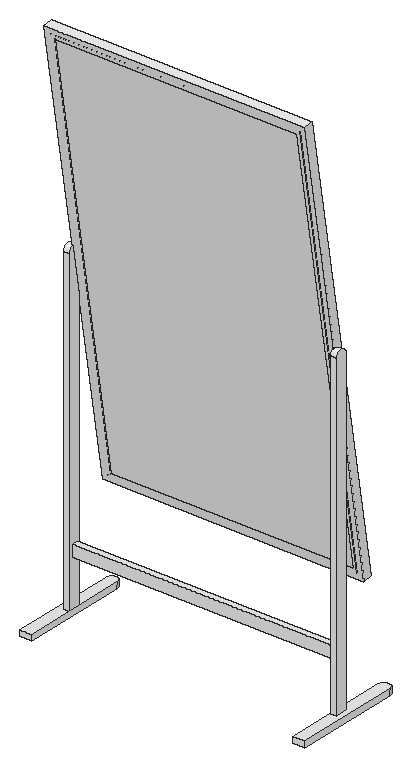
Revit family
Parameters
  Width = 2' - 0"
  Subcategory = "Bathroom Fixture"
  SmartBIM Object Version = 3  # constant formula
  SmartBIM Object Created By = "Reed Construction Data"  # constant formula
  Mirror height = 3' - 0"
  Mirror Table = Metal 1
  Mirror = Mirror
  Legs width = 0' - 1"
  Legs = 0' - 0 1/2"
  Depth = 0' - 9"
  Default Elevation = 4' - 0"
  Assembly Code = "E1090900"
  95 CSI = "08830"  # constant formula
  04 CSI = "08 83 00"  # constant formula
Reference planes (in)
  plane 1 "Center (Front/Back)": y = 16.91339
  plane 2: z = 0
  plane 3 "Center (Left/Right)": x = -3.11605
  plane 4: x = -15.11605
  plane 5: x = 8.88395
  plane 6: y = 21.41339
  plane 7: y = 12.41339
  plane 8: z = 0.5
  plane 9: z = 9.5
  plane 10: y = 17.37686
  plane 11: y = 16.41339
  plane 12: y = 13.91339
  plane 13: y = 19.91339
  plane 14: z = 45.5
  plane 15: z = 27.5
  plane 16: z = 40.5
  plane 17: z = 27.5
  plane 18: x = -14.11605
  plane 19: x = 7.88395
  plane 20: x = -13.61605
  plane 21: x = 7.38395
  plane 22: x = -14.61605
  plane 23: x = 8.39576
  plane 24: z = 5
  plane 25: y = 17.16535
  plane 26: y = 16.66142
  plane 27: z = 5.5
  plane 28: z = 4.5
Forms (in)
  Extrusion 1, solid, material "Metal 1" <- "Mirror Table"
    sketch origin (0, 0, 0) x (1, 0, 0) y (0, 1, 0)
      loop
        line (-15.11605, 21.41339) -> (-15.11605, 12.41339) -> (-14.11605, 12.41339) -> (-14.11605, 21.41339)
        arc (-14.11605, 21.41339) -> (-14.61605, 21.91339) -> (-15.11605, 21.41339) r 0.5
      loop
        arc (8.88395, 21.41339) -> (8.38395, 21.91339) -> (7.88395, 21.41339) r 0.5
        line (7.88395, 21.41339) -> (7.88395, 12.41339) -> (8.88395, 12.41339) -> (8.88395, 21.41339)
    from 0 to 0.5
  Extrusion 2, solid, material "Mirror" <- "Mirror"
    sketch origin (-3.11605, 0, 0) x (0, 1, 0) y (0, 0, 1)
      loop
        line (20.16883, 9.5) -> (14.16883, 45.5) -> (13.91339, 45.5) -> (19.91339, 9.5) -> (20.16883, 9.5)
    from -10.5 to 10.5
  Sweep 3, solid, material "Metal 1" <- "Mirror Table"
    path in 3D
      loop
        line (-13.61605, 20.16883, 9.5) -> (7.38395, 20.16883, 9.5) -> (7.38395, 14.16883, 45.5) -> (-13.61605, 14.16883, 45.5) -> (-13.61605, 20.16883, 9.5)
    profile origin (-13.61605, 17.16883, 27.5) x (0, -0.986394, -0.164399) y (-1, 0, 0)
      loop
        line (0.12598, 0) -> (0.12598, -0.25197) -> (0.37795, -0.25197) -> (0.37795, 0.5) -> (-0.37795, 0.5) -> (-0.37795, -0.25197) -> (-0.12598, -0.25197) -> (-0.12598, 0) -> (0.12598, 0)
  Extrusion 4, solid, material "Metal 1" <- "Mirror Table"
    sketch origin (-3.11605, 0, 0) x (0, 1, 0) y (0, 0, 1)
      loop
        arc (17.37686, 27.5) -> (16.89512, 27.98174) -> (16.41339, 27.5) r 0.48174
        line (16.41339, 27.5) -> (16.41339, 0.5) -> (17.37686, 0.5) -> (17.37686, 27.5)
    from 11.51181 to 11
  Extrusion 5, solid, material "Metal 1" <- "Mirror Table"
    sketch origin (-3.11605, 0, 0) x (0, 1, 0) y (0, 0, -1)
      loop
        line (17.37686, -27.5) -> (17.37686, -0.5) -> (16.37686, -0.5) -> (16.37686, -27.5)
        arc (16.37686, -27.5) -> (16.87686, -28) -> (17.37686, -27.5) r 0.5
    from 11 to 11.5
  Extrusion 6, solid, material "Metal 1" <- "Mirror Table"
    sketch origin (0, 16.91339, 0) x (1, 0, 0) y (0, 0, 1)
      loop
        line (-14.11605, 5.5) -> (-14.11605, 4.5) -> (7.88395, 4.5) -> (7.88395, 5.5) -> (-14.11605, 5.5)
    from -0.25197 to 0.25197
  Extrusion 7, solid, material "Metal 1" <- "Mirror Table"
    sketch origin (-3.11605, 0, 0) x (0, 1, 0) y (0, 0, 1)
      loop
        line (19.78666, 9.5) -> (19.91339, 9.5) -> (13.91339, 45.5) -> (13.78666, 45.5) -> (19.78666, 9.5)
    from -10.5 to 10.5
Lines and regions (in)
  sketch lines
    curve 1: line (-13.61605, 14.16883, 45.5) -> (-13.61605, 20.16883, 9.5)
    curve 2: line (7.38395, 20.16883, 9.5) -> (-13.61605, 20.16883, 9.5)
    curve 3: line (7.38395, 14.16883, 45.5) -> (-13.61605, 14.16883, 45.5)
    curve 4: line (7.38395, 20.16883, 9.5) -> (7.38395, 14.16883, 45.5)
Dimensions and locks (in)
  equal spacing: plane 4, plane 3 "Center (Left/Right)", plane 5
  "Width": plane 4 to plane 5
  equal spacing: plane 6, plane 1 "Center (Front/Back)", plane 7
  "Depth": plane 6 to plane 7
  "Legs": plane 8 to level
  locked: plane 9 to plane 8 at 9
  plane 11 to plane 1 "Center (Front/Back)" to plane 10 = 0' - 0 1/2" locked, 0' - 0.46347"
  plane 11 to plane 10 = 0' - 0.96347"
  locked: plane 1 "Center (Front/Back)" to plane 13 at 3
  locked: plane 12 to plane 1 "Center (Front/Back)" at 3
  "Mirror height": plane 14 to plane 9
  locked: Extrusion 2 sketch curve to Extrusion 2 sketch curve at 0.25197
  equal spacing: plane 14, plane 15, plane 9
  equal spacing: plane 14, plane 17, plane 9
  "Legs width": plane 4 to plane 18
  "Legs width": plane 19 to plane 5
  locked: plane 21 to plane 19 at 0.5
  locked: plane 18 to plane 20 at 0.5
  locked: plane 22 to plane 18 at 0.5
  locked: plane 19 to plane 23 at 0.51181
  equal spacing: plane 9, plane 24, plane 8
  locked: plane 1 "Center (Front/Back)" to plane 25 at 0.25197
  locked: plane 26 to plane 1 "Center (Front/Back)" at 0.25197
  locked: plane 24 to plane 28 at 0.5
  locked: plane 27 to plane 24 at 0.5
  aligned and locked: Extrusion 1 sketch curve to plane 4
  aligned and locked: Extrusion 1 sketch curve to plane 7  (x2)
  aligned and locked: Extrusion 1 sketch curve to plane 5
  aligned and locked: plane 8 to Extrusion 1
  aligned and locked: plane 9 to Extrusion 2 sketch curve  (x2)
  aligned and locked: plane 14 to Extrusion 2 sketch curve  (x2)
  aligned and locked: Extrusion 2 to Sweep 3 sketch curve
  aligned and locked: plane 10 to Extrusion 4 sketch curve
  aligned and locked: plane 11 to Extrusion 4 sketch curve
  aligned and locked: Extrusion 1 to Extrusion 4 sketch curve
  aligned and locked: Extrusion 5 to plane 10
  aligned and locked: plane 15 to Extrusion 4 sketch curve  (x2)
  aligned and locked: Extrusion 5 to plane 8
  aligned and locked: Extrusion 1 to plane 4
  aligned and locked: plane 18 to Extrusion 1
  aligned and locked: Extrusion 1 to plane 19
  aligned and locked: plane 5 to Extrusion 1
  aligned and locked: Extrusion 2 to plane 20
  aligned and locked: plane 21 to Extrusion 2
  aligned and locked: plane 18 to Sweep 3 sketch curve
  aligned and locked: plane 18 to Extrusion 5
  aligned and locked: Extrusion 5 to plane 22
  aligned and locked: Extrusion 5 to plane 18
  aligned and locked: Extrusion 4 to plane 19
  aligned and locked: plane 23 to Extrusion 4
  aligned and locked: Extrusion 1 sketch curve to plane 18
  aligned and locked: Extrusion 1 sketch curve to plane 19
  aligned and locked: Extrusion 5 to Extrusion 6 sketch curve
  aligned and locked: Extrusion 4 to Extrusion 6 sketch curve
  aligned and locked: Extrusion 6 to plane 25
  aligned and locked: plane 26 to Extrusion 6
  aligned and locked: plane 27 to Extrusion 6
  aligned and locked: Extrusion 6 to plane 28
  aligned and locked: Extrusion 7 sketch curve to Extrusion 2
  aligned and locked: plane 9 to Extrusion 7 sketch curve
  aligned and locked: plane 14 to Extrusion 7 sketch curve
  aligned and locked: Extrusion 7 to plane 20
  aligned and locked: plane 21 to Extrusion 7
Automatic sketch dimensions
  Extrusion 2 sketch curve to plane 12 = 0' - 0"
  Extrusion 2 sketch curve to plane 13 = 0' - 0"
  Extrusion 5 sketch curve to plane 8 = 0' - 0"
  Extrusion 5 sketch curve to plane 10 = 0' - 0"
  plane 1 "Center (Front/Back)" to Extrusion 5 sketch curve = 0' - 0.03653"
  Extrusion 5 sketch curve to plane 17 = 0' - 0"
  Extrusion 1 sketch curve to plane 6 = 0' - 0"  (x2)
  profile plane to Sweep 3 sketch curve = 0' - 0.37795"
  profile plane to Sweep 3 sketch curve = 0' - 0.12598"
  Sweep 3 sketch curve to profile plane = 0' - 0.12598"
  Sweep 3 sketch curve to Sweep 3 sketch curve = 0' - 0.25197"
  Sweep 3 sketch curve to profile plane = 0' - 0.25197"  (x2)
  plane 24 to Extrusion 6 sketch curve = 0' - 0 1/2"
  Extrusion 6 sketch curve to plane 24 = 0' - 0 1/2"
  plane 12 to Extrusion 7 sketch curve = 0' - 0.12672"
  plane 13 to Extrusion 7 sketch curve = 0' - 0.12672"
